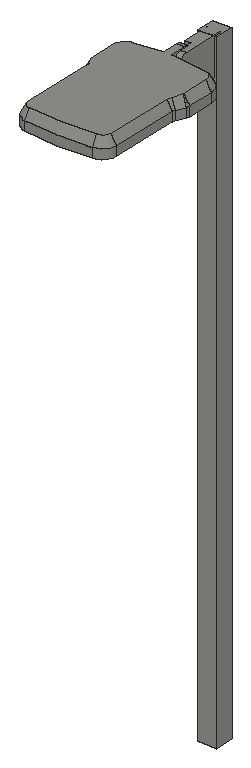
Revit family "VP-4-AAU", category Lighting Fixtures, host Face, Revit 2019 (continued)
Definition of nested family "SIZE4-AAU"
  Forms (in)
    Extrusion 49, solid, material <- "Glass"
      sketch origin (0.375, 0, -11.375) x (1, 0, 0) y (0, 0, 1)
        loop
          circle (-4.88455, 32.33694) r 0.15
        loop
          circle (-4.3658, 32.33694) r 0.15
        loop
          circle (-3.84705, 32.33694) r 0.15
        loop
          circle (-3.32831, 32.33694) r 0.15
        loop
          circle (-7.47829, 31.83694) r 0.15
        loop
          circle (-6.95955, 31.83694) r 0.15
        loop
          circle (-6.4408, 31.83694) r 0.15
        loop
          circle (-5.92205, 31.83694) r 0.15
        loop
          circle (-5.4033, 31.83694) r 0.15
        loop
          circle (-4.88455, 31.83694) r 0.15
        loop
          circle (-4.3658, 31.83694) r 0.15
        loop
          circle (-3.84705, 31.83694) r 0.15
        loop
          circle (-3.32831, 31.83694) r 0.15
        loop
          circle (-7.47829, 31.33694) r 0.15
        loop
          circle (-6.95955, 31.33694) r 0.15
        loop
          circle (-6.4408, 31.33694) r 0.15
        loop
          circle (-5.92205, 31.33694) r 0.15
        loop
          circle (-5.4033, 31.33694) r 0.15
        loop
          circle (-4.88455, 31.33694) r 0.15
        loop
          circle (-4.3658, 31.33694) r 0.15
        loop
          circle (-3.84705, 31.33694) r 0.15
        loop
          circle (-3.32831, 31.33694) r 0.15
        loop
          circle (-7.47829, 30.83694) r 0.15
        loop
          circle (-6.95955, 30.83694) r 0.15
        loop
          circle (-6.4408, 30.83694) r 0.15
        loop
          circle (-5.92205, 30.83694) r 0.15
        loop
          circle (-5.4033, 30.83694) r 0.15
        loop
          circle (-4.88455, 30.83694) r 0.15
        loop
          circle (-4.3658, 30.83694) r 0.15
        loop
          circle (-3.84705, 30.83694) r 0.15
        loop
          circle (-3.32831, 30.83694) r 0.15
        loop
          circle (-7.47829, 30.33694) r 0.15
        loop
          circle (-6.95955, 30.33694) r 0.15
        loop
          circle (-6.4408, 30.33694) r 0.15
        loop
          circle (-5.92205, 30.33694) r 0.15
        loop
          circle (-5.4033, 30.33694) r 0.15
        loop
          circle (-4.88455, 30.33694) r 0.15
        loop
          circle (-4.3658, 30.33694) r 0.15
        loop
          circle (-3.84705, 30.33694) r 0.15
        loop
          circle (-3.32831, 30.33694) r 0.15
        loop
          circle (-7.47829, 29.83694) r 0.15
        loop
          circle (-6.95955, 29.83694) r 0.15
        loop
          circle (-6.4408, 29.83694) r 0.15
        loop
          circle (-5.92205, 29.83694) r 0.15
        loop
          circle (-5.4033, 29.83694) r 0.15
        loop
          circle (-4.88455, 29.83694) r 0.15
        loop
          circle (-4.3658, 29.83694) r 0.15
        loop
          circle (-3.84705, 29.83694) r 0.15
        loop
          circle (-3.32831, 29.83694) r 0.15
        loop
          circle (-7.47829, 29.33694) r 0.15
        loop
          circle (-6.95955, 29.33694) r 0.15
        loop
          circle (-6.4408, 29.33694) r 0.15
        loop
          circle (-5.92205, 29.33694) r 0.15
        loop
          circle (-5.4033, 29.33694) r 0.15
        loop
          circle (-4.88455, 29.33694) r 0.15
        loop
          circle (-4.3658, 29.33694) r 0.15
        loop
          circle (-3.84705, 29.33694) r 0.15
        loop
          circle (-3.32831, 29.33694) r 0.15
        loop
          circle (-7.47829, 28.83694) r 0.15
        loop
          circle (-6.95955, 28.83694) r 0.15
        loop
          circle (-6.4408, 28.83694) r 0.15
        loop
          circle (-5.92205, 28.83694) r 0.15
        loop
          circle (-5.4033, 28.83694) r 0.15
        loop
          circle (-4.88455, 28.83694) r 0.15
        loop
          circle (-4.3658, 28.83694) r 0.15
        loop
          circle (-3.84705, 28.83694) r 0.15
        loop
          circle (-3.32831, 28.83694) r 0.15
        loop
          circle (-7.47829, 28.33694) r 0.15
        loop
          circle (-6.95955, 28.33694) r 0.15
        loop
          circle (-6.4408, 28.33694) r 0.15
        loop
          circle (-5.92205, 28.33694) r 0.15
        loop
          circle (-5.4033, 28.33694) r 0.15
        loop
          circle (-4.88455, 28.33694) r 0.15
        loop
          circle (-4.3658, 28.33694) r 0.15
        loop
          circle (-3.84705, 28.33694) r 0.15
        loop
          circle (-3.32831, 28.33694) r 0.15
      from 1.35 to 1.4
    Extrusion 50, solid, material <- "Glass"
      sketch origin (0, 0, -11.375) x (1, 0, 0) y (0, 0, 1)
        loop
          arc (-7.16655, 32.8409) -> (-7.34333, 32.76768) -> (-7.41655, 32.5909) r 0.25
          line (-7.41655, 32.5909) -> (-7.41655, 28.0909)
          arc (-7.41655, 28.0909) -> (-7.34333, 27.91412) -> (-7.16655, 27.8409) r 0.25
          line (-7.16655, 27.8409) -> (-2.81123, 27.8409)
          arc (-2.81123, 27.8409) -> (-2.63446, 27.91412) -> (-2.56123, 28.0909) r 0.25
          line (-2.56123, 28.0909) -> (-2.56123, 32.5909)
          arc (-2.56123, 32.5909) -> (-2.63446, 32.76768) -> (-2.81123, 32.8409) r 0.25
          line (-2.81123, 32.8409) -> (-7.16655, 32.8409)
      from 1.35 to 1.37213
    Extrusion 51, solid, material <- "Glass"
      sketch origin (-0.375, 0, -11.375) x (-1, 0, 0) y (0, 0, -1)
        loop
          circle (-7.47829, -32.33694) r 0.15
        loop
          circle (-6.95955, -32.33694) r 0.15
        loop
          circle (-6.4408, -32.33694) r 0.15
        loop
          circle (-5.92205, -32.33694) r 0.15
        loop
          circle (-5.4033, -32.33694) r 0.15
        loop
          circle (-4.88455, -32.33694) r 0.15
        loop
          circle (-4.3658, -32.33694) r 0.15
        loop
          circle (-3.84705, -32.33694) r 0.15
        loop
          circle (-3.32831, -32.33694) r 0.15
        loop
          circle (-7.47829, -31.83694) r 0.15
        loop
          circle (-6.95955, -31.83694) r 0.15
        loop
          circle (-6.4408, -31.83694) r 0.15
        loop
          circle (-5.92205, -31.83694) r 0.15
        loop
          circle (-5.4033, -31.83694) r 0.15
        loop
          circle (-4.88455, -31.83694) r 0.15
        loop
          circle (-4.3658, -31.83694) r 0.15
        loop
          circle (-3.84705, -31.83694) r 0.15
        loop
          circle (-3.32831, -31.83694) r 0.15
        loop
          circle (-7.47829, -31.33694) r 0.15
        loop
          circle (-6.95955, -31.33694) r 0.15
        loop
          circle (-6.4408, -31.33694) r 0.15
        loop
          circle (-5.92205, -31.33694) r 0.15
        loop
          circle (-5.4033, -31.33694) r 0.15
        loop
          circle (-4.88455, -31.33694) r 0.15
        loop
          circle (-4.3658, -31.33694) r 0.15
        loop
          circle (-3.84705, -31.33694) r 0.15
        loop
          circle (-3.32831, -31.33694) r 0.15
        loop
          circle (-7.47829, -30.83694) r 0.15
        loop
          circle (-6.95955, -30.83694) r 0.15
        loop
          circle (-6.4408, -30.83694) r 0.15
        loop
          circle (-5.92205, -30.83694) r 0.15
        loop
          circle (-5.4033, -30.83694) r 0.15
        loop
          circle (-4.88455, -30.83694) r 0.15
        loop
          circle (-4.3658, -30.83694) r 0.15
        loop
          circle (-3.84705, -30.83694) r 0.15
        loop
          circle (-3.32831, -30.83694) r 0.15
        loop
          circle (-7.47829, -30.33694) r 0.15
        loop
          circle (-6.95955, -30.33694) r 0.15
        loop
          circle (-6.4408, -30.33694) r 0.15
        loop
          circle (-5.92205, -30.33694) r 0.15
        loop
          circle (-5.4033, -30.33694) r 0.15
        loop
          circle (-4.88455, -30.33694) r 0.15
        loop
          circle (-4.3658, -30.33694) r 0.15
        loop
          circle (-3.84705, -30.33694) r 0.15
        loop
          circle (-3.32831, -30.33694) r 0.15
        loop
          circle (-7.47829, -29.83694) r 0.15
        loop
          circle (-6.95955, -29.83694) r 0.15
        loop
          circle (-6.4408, -29.83694) r 0.15
        loop
          circle (-5.92205, -29.83694) r 0.15
        loop
          circle (-5.4033, -29.83694) r 0.15
        loop
          circle (-4.88455, -29.83694) r 0.15
        loop
          circle (-4.3658, -29.83694) r 0.15
        loop
          circle (-3.84705, -29.83694) r 0.15
        loop
          circle (-3.32831, -29.83694) r 0.15
        loop
          circle (-7.47829, -29.33694) r 0.15
        loop
          circle (-6.95955, -29.33694) r 0.15
        loop
          circle (-6.4408, -29.33694) r 0.15
        loop
          circle (-5.92205, -29.33694) r 0.15
        loop
          circle (-5.4033, -29.33694) r 0.15
        loop
          circle (-4.88455, -29.33694) r 0.15
        loop
          circle (-4.3658, -29.33694) r 0.15
        loop
          circle (-3.84705, -29.33694) r 0.15
        loop
          circle (-3.32831, -29.33694) r 0.15
        loop
          circle (-7.47829, -28.83694) r 0.15
        loop
          circle (-6.95955, -28.83694) r 0.15
        loop
          circle (-6.4408, -28.83694) r 0.15
        loop
          circle (-5.92205, -28.83694) r 0.15
        loop
          circle (-5.4033, -28.83694) r 0.15
        loop
          circle (-4.88455, -28.83694) r 0.15
        loop
          circle (-4.3658, -28.83694) r 0.15
        loop
          circle (-3.84705, -28.83694) r 0.15
        loop
          circle (-3.32831, -28.83694) r 0.15
        loop
          circle (-7.47829, -28.33694) r 0.15
        loop
          circle (-6.95955, -28.33694) r 0.15
        loop
          circle (-6.4408, -28.33694) r 0.15
        loop
          circle (-5.92205, -28.33694) r 0.15
        loop
          circle (-5.4033, -28.33694) r 0.15
        loop
          circle (-4.88455, -28.33694) r 0.15
        loop
          circle (-4.3658, -28.33694) r 0.15
        loop
          circle (-3.84705, -28.33694) r 0.15
        loop
          circle (-3.32831, -28.33694) r 0.15
      from 1.35 to 1.4
    Extrusion 52, solid, material <- "Glass"
      sketch origin (0, 0, -11.375) x (-1, 0, 0) y (0, 0, -1)
        loop
          line (-7.16655, -32.8409) -> (-2.84181, -32.8409)
          arc (-2.84181, -32.8409) -> (-2.66504, -32.76768) -> (-2.59181, -32.5909) r 0.25
          line (-2.59181, -32.5909) -> (-2.59181, -28.0909)
          arc (-2.59181, -28.0909) -> (-2.66504, -27.91412) -> (-2.84181, -27.8409) r 0.25
          line (-2.84181, -27.8409) -> (-7.16655, -27.8409)
          arc (-7.16655, -27.8409) -> (-7.34333, -27.91412) -> (-7.41655, -28.0909) r 0.25
          line (-7.41655, -28.0909) -> (-7.41655, -32.5909)
          arc (-7.41655, -32.5909) -> (-7.34333, -32.76768) -> (-7.16655, -32.8409) r 0.25
      from 1.35 to 1.37213
    Extrusion 53, solid, material <- "Glass"
      sketch origin (-5.375, 0, -11.375) x (-1, 0, 0) y (0, 0, -1)
        loop
          circle (-7.47829, -32.33694) r 0.15
        loop
          circle (-6.95955, -32.33694) r 0.15
        loop
          circle (-6.4408, -32.33694) r 0.15
        loop
          circle (-5.92205, -32.33694) r 0.15
        loop
          circle (-5.4033, -32.33694) r 0.15
        loop
          circle (-4.88455, -32.33694) r 0.15
        loop
          circle (-4.3658, -32.33694) r 0.15
        loop
          circle (-3.84705, -32.33694) r 0.15
        loop
          circle (-3.32831, -32.33694) r 0.15
        loop
          circle (-7.47829, -31.83694) r 0.15
        loop
          circle (-6.95955, -31.83694) r 0.15
        loop
          circle (-6.4408, -31.83694) r 0.15
        loop
          circle (-5.92205, -31.83694) r 0.15
        loop
          circle (-5.4033, -31.83694) r 0.15
        loop
          circle (-4.88455, -31.83694) r 0.15
        loop
          circle (-4.3658, -31.83694) r 0.15
        loop
          circle (-3.84705, -31.83694) r 0.15
        loop
          circle (-3.32831, -31.83694) r 0.15
        loop
          circle (-7.47829, -31.33694) r 0.15
        loop
          circle (-6.95955, -31.33694) r 0.15
        loop
          circle (-6.4408, -31.33694) r 0.15
        loop
          circle (-5.92205, -31.33694) r 0.15
        loop
          circle (-5.4033, -31.33694) r 0.15
        loop
          circle (-4.88455, -31.33694) r 0.15
        loop
          circle (-4.3658, -31.33694) r 0.15
        loop
          circle (-3.84705, -31.33694) r 0.15
        loop
          circle (-3.32831, -31.33694) r 0.15
        loop
          circle (-7.47829, -30.83694) r 0.15
        loop
          circle (-6.95955, -30.83694) r 0.15
        loop
          circle (-6.4408, -30.83694) r 0.15
        loop
          circle (-5.92205, -30.83694) r 0.15
        loop
          circle (-5.4033, -30.83694) r 0.15
        loop
          circle (-4.88455, -30.83694) r 0.15
        loop
          circle (-4.3658, -30.83694) r 0.15
        loop
          circle (-3.84705, -30.83694) r 0.15
        loop
          circle (-3.32831, -30.83694) r 0.15
        loop
          circle (-7.47829, -30.33694) r 0.15
        loop
          circle (-6.95955, -30.33694) r 0.15
        loop
          circle (-6.4408, -30.33694) r 0.15
        loop
          circle (-5.92205, -30.33694) r 0.15
        loop
          circle (-5.4033, -30.33694) r 0.15
        loop
          circle (-4.88455, -30.33694) r 0.15
        loop
          circle (-4.3658, -30.33694) r 0.15
        loop
          circle (-3.84705, -30.33694) r 0.15
        loop
          circle (-3.32831, -30.33694) r 0.15
        loop
          circle (-7.47829, -29.83694) r 0.15
        loop
          circle (-6.95955, -29.83694) r 0.15
        loop
          circle (-6.4408, -29.83694) r 0.15
        loop
          circle (-5.92205, -29.83694) r 0.15
        loop
          circle (-5.4033, -29.83694) r 0.15
        loop
          circle (-4.88455, -29.83694) r 0.15
        loop
          circle (-4.3658, -29.83694) r 0.15
        loop
          circle (-3.84705, -29.83694) r 0.15
        loop
          circle (-3.32831, -29.83694) r 0.15
        loop
          circle (-7.47829, -29.33694) r 0.15
        loop
          circle (-6.95955, -29.33694) r 0.15
        loop
          circle (-6.4408, -29.33694) r 0.15
        loop
          circle (-5.92205, -29.33694) r 0.15
        loop
          circle (-5.4033, -29.33694) r 0.15
        loop
          circle (-4.88455, -29.33694) r 0.15
        loop
          circle (-4.3658, -29.33694) r 0.15
        loop
          circle (-3.84705, -29.33694) r 0.15
        loop
          circle (-3.32831, -29.33694) r 0.15
        loop
          circle (-7.47829, -28.83694) r 0.15
        loop
          circle (-6.95955, -28.83694) r 0.15
        loop
          circle (-6.4408, -28.83694) r 0.15
        loop
          circle (-5.92205, -28.83694) r 0.15
        loop
          circle (-5.4033, -28.83694) r 0.15
        loop
          circle (-4.88455, -28.83694) r 0.15
        loop
          circle (-4.3658, -28.83694) r 0.15
        loop
          circle (-3.84705, -28.83694) r 0.15
        loop
          circle (-3.32831, -28.83694) r 0.15
        loop
          circle (-7.47829, -28.33694) r 0.15
        loop
          circle (-6.95955, -28.33694) r 0.15
        loop
          circle (-6.4408, -28.33694) r 0.15
        loop
          circle (-5.92205, -28.33694) r 0.15
        loop
          circle (-5.4033, -28.33694) r 0.15
        loop
          circle (-4.88455, -28.33694) r 0.15
        loop
          circle (-4.3658, -28.33694) r 0.15
        loop
          circle (-3.84705, -28.33694) r 0.15
        loop
          circle (-3.32831, -28.33694) r 0.15
      from 1.35 to 1.4
    Extrusion 54, solid, material <- "Glass"
      sketch origin (-5, 0, -11.375) x (-1, 0, 0) y (0, 0, -1)
        loop
          line (-7.16655, -32.8409) -> (-2.84181, -32.8409)
          arc (-2.84181, -32.8409) -> (-2.66504, -32.76768) -> (-2.59181, -32.5909) r 0.25
          line (-2.59181, -32.5909) -> (-2.59181, -28.0909)
          arc (-2.59181, -28.0909) -> (-2.66504, -27.91412) -> (-2.84181, -27.8409) r 0.25
          line (-2.84181, -27.8409) -> (-7.16655, -27.8409)
          arc (-7.16655, -27.8409) -> (-7.34333, -27.91412) -> (-7.41655, -28.0909) r 0.25
          line (-7.41655, -28.0909) -> (-7.41655, -32.5909)
          arc (-7.41655, -32.5909) -> (-7.34333, -32.76768) -> (-7.16655, -32.8409) r 0.25
      from 1.35 to 1.37213
    Extrusion 55, solid, material <- "Fixture"
      sketch origin (0.125, 0, 2.5) x (1, 0, 0) y (0, 0, 1)
        loop
          arc (8.61601, 29.87811) -> (7.91353, 31.61742) -> (6.20018, 32.38102) r 2.50448
          arc (6.20018, 32.38102) -> (-0.18326, 32.81078) -> (-6.56625, 32.37421) r 47.24839
          arc (-6.56625, 32.37421) -> (-8.20342, 31.57512) -> (-8.86601, 29.87811) r 2.50448
          line (-8.86601, 29.87811) -> (-8.86601, 16.83541)
          arc (-8.86601, 16.83541) -> (-8.89448, 16.52871) -> (-8.97892, 16.2325) r 1.66606
          line (-8.97892, 16.2325) -> (-9.6766, 14.43524)
          arc (-9.6766, 14.43524) -> (-9.74427, 14.21755) -> (-9.78142, 13.99263) r 1.65645
          line (-9.78142, 13.99263) -> (-9.78142, 8.65741)
          arc (-9.78142, 8.65741) -> (-8.97209, 6.60779) -> (-6.98078, 5.66404) r 3
          arc (-6.98078, 5.66404) -> (0.01001, 4.99965) -> (7.00057, 5.66642) r 37.04471
          arc (7.00057, 5.66642) -> (8.81758, 6.67941) -> (9.53886, 8.63067) r 3
          line (9.53886, 8.63067) -> (9.53886, 13.83581)
          arc (9.53886, 13.83581) -> (9.51055, 14.14073) -> (9.4266, 14.43524) r 1.65645
          line (9.4266, 14.43524) -> (8.72892, 16.2325)
          arc (8.72892, 16.2325) -> (8.64448, 16.52871) -> (8.61601, 16.83541) r 1.66606
          line (8.61601, 16.83541) -> (8.61601, 29.87811)
      from 0 to 1.74
    Blend 56, solid, material <- "Fixture"
      base sketch origin (0, 0, 0) x (1, 0, 0) y (0, 0, 1)
        loop
          arc (-9.5516, 16.93524) -> (-9.61927, 16.71755) -> (-9.65642, 16.49263) r 1.65645
          line (-9.65642, 16.49263) -> (-9.65642, 11.15741)
          arc (-9.65642, 11.15741) -> (-8.84709, 9.10779) -> (-6.85578, 8.16404) r 3
          arc (-6.85578, 8.16404) -> (0.13501, 7.49965) -> (7.12557, 8.16642) r 37.04471
          arc (7.12557, 8.16642) -> (8.94258, 9.17941) -> (9.66386, 11.13067) r 3
          line (9.66386, 11.13067) -> (9.66386, 16.33581)
          arc (9.66386, 16.33581) -> (9.63555, 16.64073) -> (9.5516, 16.93524) r 1.65645
          line (9.5516, 16.93524) -> (8.85392, 18.7325)
          arc (8.85392, 18.7325) -> (8.76948, 19.02871) -> (8.74101, 19.33541) r 1.66606
          line (8.74101, 19.33541) -> (8.74101, 32.37811)
          arc (8.74101, 32.37811) -> (8.03853, 34.11742) -> (6.32518, 34.88102) r 2.50448
          arc (6.32518, 34.88102) -> (-0.05826, 35.31078) -> (-6.44125, 34.87421) r 47.24839
          arc (-6.44125, 34.87421) -> (-8.07842, 34.07512) -> (-8.74101, 32.37811) r 2.50448
          line (-8.74101, 32.37811) -> (-8.74101, 19.33541)
          arc (-8.74101, 19.33541) -> (-8.76948, 19.02871) -> (-8.85392, 18.7325) r 1.66606
          line (-8.85392, 18.7325) -> (-9.5516, 16.93524)
      top sketch origin (0, 0, 0) x (1, 0, 0) y (0, 0, 1)
        loop
          line (-8.65642, 16.43436) -> (-8.65642, 11.15741)
          arc (-8.65642, 11.15741) -> (-8.09764, 9.77073) -> (-6.73353, 9.1589) r 2
          arc (-6.73353, 9.1589) -> (0.1108, 8.49965) -> (6.95577, 9.15209) r 36.04471
          arc (6.95577, 9.15209) -> (8.17777, 9.82373) -> (8.66386, 11.13067) r 2
          line (8.66386, 11.13067) -> (8.66386, 16.33581)
          arc (8.66386, 16.33581) -> (8.65264, 16.45665) -> (8.61937, 16.57336) r 0.65645
          line (8.61937, 16.57336) -> (7.9217, 18.37062)
          arc (7.9217, 18.37062) -> (7.78657, 18.84463) -> (7.74101, 19.33541) r 2.66606
          line (7.74101, 19.33541) -> (7.74101, 32.37811)
          arc (7.74101, 32.37811) -> (7.3037, 33.43858) -> (6.246, 33.88256) r 1.50448
          arc (6.246, 33.88256) -> (-0.04498, 34.31079) -> (-6.33575, 33.87932) r 46.24839
          arc (-6.33575, 33.87932) -> (-7.33487, 33.40626) -> (-7.74101, 32.37811) r 1.50448
          line (-7.74101, 32.37811) -> (-7.74101, 19.33541)
          arc (-7.74101, 19.33541) -> (-7.78657, 18.84463) -> (-7.9217, 18.37062) r 2.66606
          line (-7.9217, 18.37062) -> (-8.61937, 16.57336)
          arc (-8.61937, 16.57336) -> (-8.64172, 16.50488) -> (-8.65642, 16.43436) r 0.65645
      from 0 to -1.74
    Extrusion 57, solid, material <- "Fixture"
      sketch origin (0, 0, 0) x (0, 1, 0) y (0, 0, 1)
        loop
          line (1.74, -1.406) -> (1.74, 6.43918)
          arc (1.74, 6.43918) -> (0, 8.17918) -> (-1.74, 6.43918) r 1.74
          line (-1.74, 6.43918) -> (-1.74, 3.90812) -> (-5.432, 1.12478) -> (-5.432, -1.406) -> (1.74, -1.406)
      from -1.24 to 1.24
    Extrusion 58, void
      sketch origin (0, 0, 0) x (1, 0, 0) y (0, 0, 1)
        loop
          line (-1.5, 8.3) -> (-1.5, 3.90812) -> (0, 3.90812) -> (0, 8.3) -> (-1.5, 8.3)
      from -1.84653 to 1.9488
    Extrusion 59, solid, material <- "Fixture"
      sketch origin (0, 0, 0) x (0, 1, 0) y (0, 0, 1)
        loop
          line (1.74, 8.81429) -> (-1.74, 8.81429) -> (-1.74, 5.31429)
          arc (-1.74, 5.31429) -> (0, 3.57429) -> (1.74, 5.31429) r 1.74
          line (1.74, 5.31429) -> (1.74, 8.81429)
      from -1.5 to 0
  Cuts and joins
    Extrusion 2, Extrusion 40 cuts Extrusion 55
    Extrusion 58 cuts Extrusion 57
    joined: Blend 56, Extrusion 59
  Dimensions and locks (in)
    equal spacing: plane 4, plane 3 "Center (Left/Right)", plane 5
    "Width": plane 4 to plane 5
    "Length": plane 7 to plane 6
    "Mount Length": plane 6 to plane 2
    aligned and locked: plane 2 to Extrusion 1
    aligned and locked: level to Extrusion 1
  Automatic sketch dimensions
    Extrusion 1 sketch curve to Extrusion 1 sketch curve = 96.00"  (x2)
    plane 5 to Extrusion 2 sketch curve = 1.40392"
    plane 3 "Center (Left/Right)" to Extrusion 2 sketch curve = 0.06506"
    Extrusion 2 sketch curve to plane 4 = 1.25"
    Extrusion 2 sketch curve to level = 39.4018"
    plane 6 to Extrusion 2 sketch curve = 7.65635"
    Extrusion 2 sketch curve to plane 7 = 2.31818"
    plane 5 to Extrusion 3 sketch curve = 2.15013"
    Extrusion 3 sketch curve to Extrusion 3 sketch curve = 0.35"  (x3)
    Extrusion 3 sketch curve to plane 4 = 2.50013"  (x2)
    Extrusion 3 sketch curve to plane 7 = 8.31818"
    Extrusion 3 sketch curve to plane 7 = 3.16818"
    plane 5 to Extrusion 4 sketch curve = 2.70671"
    Extrusion 4 sketch curve to Extrusion 4 sketch curve = 0.00"  (x61)
    Extrusion 4 sketch curve to Extrusion 4 sketch curve = 0.51875"  (x27)
    Extrusion 4 sketch curve to plane 7 = 7.51806"
    Extrusion 4 sketch curve to Extrusion 4 sketch curve = 0.50"  (x72)
    plane 5 to Extrusion 5 sketch curve = 2.39345"
    Extrusion 5 sketch curve to Extrusion 5 sketch curve = 0.25"  (x3)
    Extrusion 5 sketch curve to plane 3 "Center (Left/Right)" = 2.81123"  (x2)
    Extrusion 5 sketch curve to plane 7 = 8.0141"
    Extrusion 5 sketch curve to plane 7 = 3.2641"
    Extrusion 6 sketch curve to plane 4 = 2.12307"
    Extrusion 6 sketch curve to plane 8 = 0.46661"
    Extrusion 6 sketch curve to Extrusion 6 sketch curve = 0.02618"
    Extrusion 6 sketch curve to Extrusion 6 sketch curve = 0.1119"
    Extrusion 6 sketch curve to plane 8 = 0.03691"
    Extrusion 6 sketch curve to Extrusion 6 sketch curve = 0.36056"
    Extrusion 6 sketch curve to plane 8 = 0.00781"
    Extrusion 6 sketch curve to Extrusion 6 sketch curve = 0.06241"
    Extrusion 6 sketch curve to Extrusion 6 sketch curve = 0.42393"
    Extrusion 6 sketch curve to Extrusion 6 sketch curve = 0.73219"
    plane 4 to Extrusion 7 sketch curve = 2.70671"
    Extrusion 7 sketch curve to Extrusion 7 sketch curve = 0.00"  (x61)
    Extrusion 7 sketch curve to Extrusion 7 sketch curve = 0.51875"  (x27)
    plane 7 to Extrusion 7 sketch curve = 7.51806"
    Extrusion 7 sketch curve to Extrusion 7 sketch curve = 0.50"  (x72)
    plane 4 to Extrusion 8 sketch curve = 2.39345"
    Extrusion 8 sketch curve to Extrusion 8 sketch curve = 0.25"  (x3)
    Extrusion 8 sketch curve to plane 3 "Center (Left/Right)" = 2.84181"  (x2)
    plane 7 to Extrusion 8 sketch curve = 8.0141"
    plane 7 to Extrusion 8 sketch curve = 3.2641"
    plane 5 to Extrusion 9 sketch curve = 2.15013"
    Extrusion 9 sketch curve to Extrusion 9 sketch curve = 0.35"  (x3)
    Extrusion 9 sketch curve to plane 4 = 2.50013"  (x2)
    Extrusion 9 sketch curve to plane 7 = 13.81818"
    Extrusion 9 sketch curve to Extrusion 9 sketch curve = 4.80"
    Extrusion 10 sketch curve to plane 5 = 2.15013"
    Extrusion 10 sketch curve to Extrusion 10 sketch curve = 0.35"  (x3)
    plane 4 to Extrusion 10 sketch curve = 2.50013"  (x2)
    plane 7 to Extrusion 10 sketch curve = 13.81818"
    Extrusion 10 sketch curve to Extrusion 10 sketch curve = 4.80"
    Extrusion 11 sketch curve to plane 4 = 2.12307"
    Extrusion 11 sketch curve to plane 8 = 0.46661"
    Extrusion 11 sketch curve to Extrusion 11 sketch curve = 0.02618"
    Extrusion 11 sketch curve to Extrusion 11 sketch curve = 0.1119"
    Extrusion 11 sketch curve to plane 8 = 0.03691"
    Extrusion 11 sketch curve to Extrusion 11 sketch curve = 0.36056"
    Extrusion 11 sketch curve to plane 8 = 0.00781"
    Extrusion 11 sketch curve to Extrusion 11 sketch curve = 0.06241"
    Extrusion 11 sketch curve to Extrusion 11 sketch curve = 0.42393"
    Extrusion 11 sketch curve to Extrusion 11 sketch curve = 0.73219"
    Extrusion 12 sketch curve to plane 4 = 2.12307"
    Extrusion 12 sketch curve to plane 8 = 0.46661"
    Extrusion 12 sketch curve to Extrusion 12 sketch curve = 0.02618"
    Extrusion 12 sketch curve to Extrusion 12 sketch curve = 0.1119"
    Extrusion 12 sketch curve to plane 8 = 0.03691"
    Extrusion 12 sketch curve to Extrusion 12 sketch curve = 0.36056"
    Extrusion 12 sketch curve to plane 8 = 0.00781"
    Extrusion 12 sketch curve to Extrusion 12 sketch curve = 0.06241"
    Extrusion 12 sketch curve to Extrusion 12 sketch curve = 0.42393"
    Extrusion 12 sketch curve to Extrusion 12 sketch curve = 0.73219"
    Extrusion 13 sketch curve to plane 4 = 2.12307"
    Extrusion 13 sketch curve to plane 8 = 0.46661"
    Extrusion 13 sketch curve to Extrusion 13 sketch curve = 0.02618"
    Extrusion 13 sketch curve to Extrusion 13 sketch curve = 0.08572"
    Extrusion 13 sketch curve to plane 8 = 0.03691"
    Extrusion 13 sketch curve to Extrusion 13 sketch curve = 0.36056"
    Extrusion 13 sketch curve to plane 8 = 0.00781"
    Extrusion 13 sketch curve to Extrusion 13 sketch curve = 0.06241"
    Extrusion 13 sketch curve to Extrusion 13 sketch curve = 0.42393"
    Extrusion 13 sketch curve to Extrusion 13 sketch curve = 0.73219"
    Extrusion 14 sketch curve to plane 4 = 2.12307"
    Extrusion 14 sketch curve to plane 8 = 0.46661"
    Extrusion 14 sketch curve to Extrusion 14 sketch curve = 0.02618"
    Extrusion 14 sketch curve to Extrusion 14 sketch curve = 0.1119"
    Extrusion 14 sketch curve to plane 8 = 0.03691"
    Extrusion 14 sketch curve to Extrusion 14 sketch curve = 0.36056"
    Extrusion 14 sketch curve to plane 8 = 0.00781"
    Extrusion 14 sketch curve to Extrusion 14 sketch curve = 0.06241"
    Extrusion 14 sketch curve to Extrusion 14 sketch curve = 0.42393"
    Extrusion 14 sketch curve to Extrusion 14 sketch curve = 0.73219"
    Extrusion 15 sketch curve to plane 4 = 2.12307"
    Extrusion 15 sketch curve to plane 8 = 0.46661"
    Extrusion 15 sketch curve to Extrusion 15 sketch curve = 0.02618"
    Extrusion 15 sketch curve to Extrusion 15 sketch curve = 0.1119"
    Extrusion 15 sketch curve to plane 8 = 0.03691"
    Extrusion 15 sketch curve to Extrusion 15 sketch curve = 0.36056"
    Extrusion 15 sketch curve to plane 8 = 0.00781"
    Extrusion 15 sketch curve to Extrusion 15 sketch curve = 0.06241"
    Extrusion 15 sketch curve to Extrusion 15 sketch curve = 0.42393"
    Extrusion 15 sketch curve to Extrusion 15 sketch curve = 0.73219"
    Extrusion 16 sketch curve to plane 4 = 2.12307"
    Extrusion 16 sketch curve to plane 8 = 0.46661"
    Extrusion 16 sketch curve to Extrusion 16 sketch curve = 0.02618"
    Extrusion 16 sketch curve to Extrusion 16 sketch curve = 0.1119"
    Extrusion 16 sketch curve to plane 8 = 0.03691"
    Extrusion 16 sketch curve to Extrusion 16 sketch curve = 0.36056"
    Extrusion 16 sketch curve to plane 8 = 0.00781"
    Extrusion 16 sketch curve to Extrusion 16 sketch curve = 0.06241"
    Extrusion 16 sketch curve to Extrusion 16 sketch curve = 0.42393"
    Extrusion 16 sketch curve to Extrusion 16 sketch curve = 0.73219"
    Extrusion 17 sketch curve to plane 4 = 2.12307"
    Extrusion 17 sketch curve to plane 8 = 0.46661"
    Extrusion 17 sketch curve to Extrusion 17 sketch curve = 0.02618"
    Extrusion 17 sketch curve to Extrusion 17 sketch curve = 0.1119"
    Extrusion 17 sketch curve to plane 8 = 0.03691"
    Extrusion 17 sketch curve to Extrusion 17 sketch curve = 0.36056"
    Extrusion 17 sketch curve to plane 8 = 0.00781"
    Extrusion 17 sketch curve to Extrusion 17 sketch curve = 0.06241"
    Extrusion 17 sketch curve to Extrusion 17 sketch curve = 0.42393"
    Extrusion 17 sketch curve to Extrusion 17 sketch curve = 0.73219"
    Extrusion 18 sketch curve to plane 4 = 2.12307"
    Extrusion 18 sketch curve to plane 8 = 0.46661"
    Extrusion 18 sketch curve to Extrusion 18 sketch curve = 0.02618"
    Extrusion 18 sketch curve to Extrusion 18 sketch curve = 0.1119"
    Extrusion 18 sketch curve to plane 8 = 0.03691"
    Extrusion 18 sketch curve to Extrusion 18 sketch curve = 0.36056"
    Extrusion 18 sketch curve to plane 8 = 0.00781"
    Extrusion 18 sketch curve to Extrusion 18 sketch curve = 0.06241"
    Extrusion 18 sketch curve to Extrusion 18 sketch curve = 0.42393"
    Extrusion 18 sketch curve to Extrusion 18 sketch curve = 0.73219"
    Extrusion 19 sketch curve to plane 4 = 2.12307"
    Extrusion 19 sketch curve to plane 8 = 0.46661"
    Extrusion 19 sketch curve to Extrusion 19 sketch curve = 0.02618"
    Extrusion 19 sketch curve to Extrusion 19 sketch curve = 0.1119"
    Extrusion 19 sketch curve to plane 8 = 0.03691"
    Extrusion 19 sketch curve to Extrusion 19 sketch curve = 0.36056"
    Extrusion 19 sketch curve to plane 8 = 0.00781"
    Extrusion 19 sketch curve to Extrusion 19 sketch curve = 0.06241"
    Extrusion 19 sketch curve to Extrusion 19 sketch curve = 0.42393"
    Extrusion 19 sketch curve to Extrusion 19 sketch curve = 0.73219"
    Extrusion 20 sketch curve to plane 4 = 2.12307"
    Extrusion 20 sketch curve to plane 8 = 0.46661"
    Extrusion 20 sketch curve to Extrusion 20 sketch curve = 0.02618"
    Extrusion 20 sketch curve to Extrusion 20 sketch curve = 0.1119"
    Extrusion 20 sketch curve to plane 8 = 0.03691"
    Extrusion 20 sketch curve to Extrusion 20 sketch curve = 0.36056"
    Extrusion 20 sketch curve to plane 8 = 0.00781"
    Extrusion 20 sketch curve to Extrusion 20 sketch curve = 0.06241"
    Extrusion 20 sketch curve to Extrusion 20 sketch curve = 0.42393"
    Extrusion 20 sketch curve to Extrusion 20 sketch curve = 0.73219"
    Extrusion 21 sketch curve to plane 4 = 2.12307"
    Extrusion 21 sketch curve to plane 8 = 0.46661"
    Extrusion 21 sketch curve to Extrusion 21 sketch curve = 0.02618"
    Extrusion 21 sketch curve to Extrusion 21 sketch curve = 0.08572"
    Extrusion 21 sketch curve to plane 8 = 0.03691"
    Extrusion 21 sketch curve to Extrusion 21 sketch curve = 0.36056"
    Extrusion 21 sketch curve to plane 8 = 0.00781"
    Extrusion 21 sketch curve to Extrusion 21 sketch curve = 0.06241"
    Extrusion 21 sketch curve to Extrusion 21 sketch curve = 0.42393"
    Extrusion 21 sketch curve to Extrusion 21 sketch curve = 0.73219"
    Extrusion 22 sketch curve to plane 4 = 2.12307"
    Extrusion 22 sketch curve to plane 8 = 0.46661"
    Extrusion 22 sketch curve to Extrusion 22 sketch curve = 0.02618"
    Extrusion 22 sketch curve to Extrusion 22 sketch curve = 0.1119"
    Extrusion 22 sketch curve to plane 8 = 0.03691"
    Extrusion 22 sketch curve to Extrusion 22 sketch curve = 0.36056"
    Extrusion 22 sketch curve to plane 8 = 0.00781"
    Extrusion 22 sketch curve to Extrusion 22 sketch curve = 0.06241"
    Extrusion 22 sketch curve to Extrusion 22 sketch curve = 0.42393"
    Extrusion 22 sketch curve to Extrusion 22 sketch curve = 0.73219"
    Extrusion 23 sketch curve to plane 4 = 2.12307"
    Extrusion 23 sketch curve to plane 8 = 0.46661"
    Extrusion 23 sketch curve to Extrusion 23 sketch curve = 0.02618"
    Extrusion 23 sketch curve to Extrusion 23 sketch curve = 0.08572"
    Extrusion 23 sketch curve to plane 8 = 0.03691"
    Extrusion 23 sketch curve to Extrusion 23 sketch curve = 0.36056"
    Extrusion 23 sketch curve to plane 8 = 0.00781"
    Extrusion 23 sketch curve to Extrusion 23 sketch curve = 0.06241"
    Extrusion 23 sketch curve to Extrusion 23 sketch curve = 0.42393"
    Extrusion 23 sketch curve to Extrusion 23 sketch curve = 0.73219"
    Extrusion 24 sketch curve to plane 4 = 2.12307"
    Extrusion 24 sketch curve to plane 8 = 0.46661"
    Extrusion 24 sketch curve to Extrusion 24 sketch curve = 0.02618"
    Extrusion 24 sketch curve to Extrusion 24 sketch curve = 0.1119"
    Extrusion 24 sketch curve to plane 8 = 0.03691"
    Extrusion 24 sketch curve to Extrusion 24 sketch curve = 0.36056"
    Extrusion 24 sketch curve to plane 8 = 0.00781"
    Extrusion 24 sketch curve to Extrusion 24 sketch curve = 0.06241"
    Extrusion 24 sketch curve to Extrusion 24 sketch curve = 0.42393"
    Extrusion 24 sketch curve to Extrusion 24 sketch curve = 0.73219"
    plane 5 to Extrusion 25 sketch curve = 2.2012"
    Extrusion 25 sketch curve to plane 8 = 0.46661"
    Extrusion 25 sketch curve to Extrusion 25 sketch curve = 0.02618"
    Extrusion 25 sketch curve to Extrusion 25 sketch curve = 0.1119"
    Extrusion 25 sketch curve to plane 8 = 0.03691"
    Extrusion 25 sketch curve to Extrusion 25 sketch curve = 0.36056"
    Extrusion 25 sketch curve to plane 8 = 0.00781"
    Extrusion 25 sketch curve to Extrusion 25 sketch curve = 0.06241"
    Extrusion 25 sketch curve to Extrusion 25 sketch curve = 0.42393"
    Extrusion 25 sketch curve to Extrusion 25 sketch curve = 0.20146"
    plane 5 to Extrusion 26 sketch curve = 2.2012"
    Extrusion 26 sketch curve to plane 8 = 0.46661"
    Extrusion 26 sketch curve to Extrusion 26 sketch curve = 0.02618"
    Extrusion 26 sketch curve to Extrusion 26 sketch curve = 0.08572"
    Extrusion 26 sketch curve to plane 8 = 0.03691"
    Extrusion 26 sketch curve to Extrusion 26 sketch curve = 0.36056"
    Extrusion 26 sketch curve to plane 8 = 0.00781"
    Extrusion 26 sketch curve to Extrusion 26 sketch curve = 0.06241"
    Extrusion 26 sketch curve to Extrusion 26 sketch curve = 0.42393"
    Extrusion 26 sketch curve to Extrusion 26 sketch curve = 0.20146"
    plane 5 to Extrusion 27 sketch curve = 2.2012"
    Extrusion 27 sketch curve to plane 8 = 0.46661"
    Extrusion 27 sketch curve to Extrusion 27 sketch curve = 0.02618"
    Extrusion 27 sketch curve to Extrusion 27 sketch curve = 0.08572"
    Extrusion 27 sketch curve to plane 8 = 0.03691"
    Extrusion 27 sketch curve to Extrusion 27 sketch curve = 0.36056"
    Extrusion 27 sketch curve to plane 8 = 0.00781"
    Extrusion 27 sketch curve to Extrusion 27 sketch curve = 0.06241"
    Extrusion 27 sketch curve to Extrusion 27 sketch curve = 0.42393"
    Extrusion 27 sketch curve to Extrusion 27 sketch curve = 0.20146"
    plane 5 to Extrusion 28 sketch curve = 2.2012"
    Extrusion 28 sketch curve to plane 8 = 0.46661"
    Extrusion 28 sketch curve to Extrusion 28 sketch curve = 0.02618"
    Extrusion 28 sketch curve to Extrusion 28 sketch curve = 0.1119"
    Extrusion 28 sketch curve to plane 8 = 0.03691"
    Extrusion 28 sketch curve to Extrusion 28 sketch curve = 0.36056"
    Extrusion 28 sketch curve to plane 8 = 0.00781"
    Extrusion 28 sketch curve to Extrusion 28 sketch curve = 0.06241"
    Extrusion 28 sketch curve to Extrusion 28 sketch curve = 0.42393"
    Extrusion 28 sketch curve to Extrusion 28 sketch curve = 0.20146"
    plane 5 to Extrusion 29 sketch curve = 2.2012"
    Extrusion 29 sketch curve to plane 8 = 0.46661"
    Extrusion 29 sketch curve to Extrusion 29 sketch curve = 0.02618"
    Extrusion 29 sketch curve to Extrusion 29 sketch curve = 0.1119"
    Extrusion 29 sketch curve to plane 8 = 0.03691"
    Extrusion 29 sketch curve to Extrusion 29 sketch curve = 0.36056"
    Extrusion 29 sketch curve to plane 8 = 0.00781"
    Extrusion 29 sketch curve to Extrusion 29 sketch curve = 0.06241"
    Extrusion 29 sketch curve to Extrusion 29 sketch curve = 0.42393"
    Extrusion 29 sketch curve to Extrusion 29 sketch curve = 0.20146"
    plane 5 to Extrusion 30 sketch curve = 2.2012"
    Extrusion 30 sketch curve to plane 8 = 0.46661"
    Extrusion 30 sketch curve to Extrusion 30 sketch curve = 0.02618"
    Extrusion 30 sketch curve to Extrusion 30 sketch curve = 0.1119"
    Extrusion 30 sketch curve to plane 8 = 0.03691"
    Extrusion 30 sketch curve to Extrusion 30 sketch curve = 0.36056"
    Extrusion 30 sketch curve to plane 8 = 0.00781"
    Extrusion 30 sketch curve to Extrusion 30 sketch curve = 0.06241"
    Extrusion 30 sketch curve to Extrusion 30 sketch curve = 0.42393"
    Extrusion 30 sketch curve to Extrusion 30 sketch curve = 0.20146"
    plane 5 to Extrusion 31 sketch curve = 2.2012"
    Extrusion 31 sketch curve to plane 8 = 0.46661"
    Extrusion 31 sketch curve to Extrusion 31 sketch curve = 0.02618"
    Extrusion 31 sketch curve to Extrusion 31 sketch curve = 0.1119"
    Extrusion 31 sketch curve to plane 8 = 0.03691"
    Extrusion 31 sketch curve to Extrusion 31 sketch curve = 0.36056"
    Extrusion 31 sketch curve to plane 8 = 0.00781"
    Extrusion 31 sketch curve to Extrusion 31 sketch curve = 0.06241"
    Extrusion 31 sketch curve to Extrusion 31 sketch curve = 0.42393"
    Extrusion 31 sketch curve to Extrusion 31 sketch curve = 0.20146"
    plane 5 to Extrusion 32 sketch curve = 2.2012"
    Extrusion 32 sketch curve to plane 8 = 0.46661"
    Extrusion 32 sketch curve to Extrusion 32 sketch curve = 0.02618"
    Extrusion 32 sketch curve to Extrusion 32 sketch curve = 0.08572"
    Extrusion 32 sketch curve to plane 8 = 0.03691"
    Extrusion 32 sketch curve to Extrusion 32 sketch curve = 0.36056"
    Extrusion 32 sketch curve to plane 8 = 0.00781"
    Extrusion 32 sketch curve to Extrusion 32 sketch curve = 0.06241"
    Extrusion 32 sketch curve to Extrusion 32 sketch curve = 0.42393"
    Extrusion 32 sketch curve to Extrusion 32 sketch curve = 0.20146"
    plane 5 to Extrusion 33 sketch curve = 2.2012"
    Extrusion 33 sketch curve to plane 8 = 0.46661"
    Extrusion 33 sketch curve to Extrusion 33 sketch curve = 0.02618"
    Extrusion 33 sketch curve to Extrusion 33 sketch curve = 0.1119"
    Extrusion 33 sketch curve to plane 8 = 0.03691"
    Extrusion 33 sketch curve to Extrusion 33 sketch curve = 0.36056"
    Extrusion 33 sketch curve to plane 8 = 0.00781"
    Extrusion 33 sketch curve to Extrusion 33 sketch curve = 0.06241"
    Extrusion 33 sketch curve to Extrusion 33 sketch curve = 0.42393"
    Extrusion 33 sketch curve to Extrusion 33 sketch curve = 0.20146"
    plane 5 to Extrusion 34 sketch curve = 2.2012"
    Extrusion 34 sketch curve to plane 8 = 0.46661"
    Extrusion 34 sketch curve to Extrusion 34 sketch curve = 0.02618"
    Extrusion 34 sketch curve to Extrusion 34 sketch curve = 0.08572"
    Extrusion 34 sketch curve to plane 8 = 0.03691"
    Extrusion 34 sketch curve to Extrusion 34 sketch curve = 0.36056"
    Extrusion 34 sketch curve to plane 8 = 0.00781"
    Extrusion 34 sketch curve to Extrusion 34 sketch curve = 0.06241"
    Extrusion 34 sketch curve to Extrusion 34 sketch curve = 0.42393"
    Extrusion 34 sketch curve to Extrusion 34 sketch curve = 0.20146"
    plane 5 to Extrusion 35 sketch curve = 2.2012"
    Extrusion 35 sketch curve to plane 8 = 0.46661"
    Extrusion 35 sketch curve to Extrusion 35 sketch curve = 0.02618"
    Extrusion 35 sketch curve to Extrusion 35 sketch curve = 0.1119"
    Extrusion 35 sketch curve to plane 8 = 0.03691"
    Extrusion 35 sketch curve to Extrusion 35 sketch curve = 0.36056"
    Extrusion 35 sketch curve to plane 8 = 0.00781"
    Extrusion 35 sketch curve to Extrusion 35 sketch curve = 0.06241"
    Extrusion 35 sketch curve to Extrusion 35 sketch curve = 0.42393"
    Extrusion 35 sketch curve to Extrusion 35 sketch curve = 0.20146"
    plane 5 to Extrusion 36 sketch curve = 2.2012"
    Extrusion 36 sketch curve to plane 8 = 0.46661"
    Extrusion 36 sketch curve to Extrusion 36 sketch curve = 0.02618"
    Extrusion 36 sketch curve to Extrusion 36 sketch curve = 0.1119"
    Extrusion 36 sketch curve to plane 8 = 0.03691"
    Extrusion 36 sketch curve to Extrusion 36 sketch curve = 0.36056"
    Extrusion 36 sketch curve to plane 8 = 0.00781"
    Extrusion 36 sketch curve to Extrusion 36 sketch curve = 0.06241"
    Extrusion 36 sketch curve to Extrusion 36 sketch curve = 0.42393"
    Extrusion 36 sketch curve to Extrusion 36 sketch curve = 0.20146"
    plane 5 to Extrusion 37 sketch curve = 2.2012"
    Extrusion 37 sketch curve to plane 8 = 0.46661"
    Extrusion 37 sketch curve to Extrusion 37 sketch curve = 0.02618"
    Extrusion 37 sketch curve to Extrusion 37 sketch curve = 0.1119"
    Extrusion 37 sketch curve to plane 8 = 0.03691"
    Extrusion 37 sketch curve to Extrusion 37 sketch curve = 0.36056"
    Extrusion 37 sketch curve to plane 8 = 0.00781"
    Extrusion 37 sketch curve to Extrusion 37 sketch curve = 0.06241"
    Extrusion 37 sketch curve to Extrusion 37 sketch curve = 0.42393"
    Extrusion 37 sketch curve to Extrusion 37 sketch curve = 0.20146"
    plane 5 to Extrusion 38 sketch curve = 2.2012"
    Extrusion 38 sketch curve to plane 8 = 0.46661"
    Extrusion 38 sketch curve to Extrusion 38 sketch curve = 0.02618"
    Extrusion 38 sketch curve to Extrusion 38 sketch curve = 0.08572"
    Extrusion 38 sketch curve to plane 8 = 0.03691"
    Extrusion 38 sketch curve to Extrusion 38 sketch curve = 0.36056"
    Extrusion 38 sketch curve to plane 8 = 0.00781"
    Extrusion 38 sketch curve to Extrusion 38 sketch curve = 0.06241"
    Extrusion 38 sketch curve to Extrusion 38 sketch curve = 0.42393"
    Extrusion 38 sketch curve to Extrusion 38 sketch curve = 0.20146"
    plane 5 to Extrusion 39 sketch curve = 2.2012"
    Extrusion 39 sketch curve to plane 8 = 0.46661"
    Extrusion 39 sketch curve to Extrusion 39 sketch curve = 0.02618"
    Extrusion 39 sketch curve to Extrusion 39 sketch curve = 0.1119"
    Extrusion 39 sketch curve to plane 8 = 0.03691"
    Extrusion 39 sketch curve to Extrusion 39 sketch curve = 0.36056"
    Extrusion 39 sketch curve to plane 8 = 0.00781"
    Extrusion 39 sketch curve to Extrusion 39 sketch curve = 0.06241"
    Extrusion 39 sketch curve to Extrusion 39 sketch curve = 0.42393"
    Extrusion 39 sketch curve to Extrusion 39 sketch curve = 0.20146"
    plane 5 to Extrusion 40 sketch curve = 1.10793"
    plane 5 to Extrusion 40 sketch curve = 1.19965"
    Extrusion 40 sketch curve to Extrusion 40 sketch curve = 0.00"  (x2)
    Extrusion 40 sketch curve to plane 3 "Center (Left/Right)" = 0.00354"  (x6)
    Extrusion 40 sketch curve to plane 4 = 1.32465"
    Extrusion 40 sketch curve to plane 4 = 1.24"
    plane 6 to Extrusion 40 sketch curve = 3.30595"
    level to Extrusion 40 sketch curve = 10.85354"
    Extrusion 40 sketch curve to Extrusion 40 sketch curve = 0.27147"  (x2)
    Extrusion 40 sketch curve to Extrusion 40 sketch curve = 0.27118"  (x2)
    Extrusion 40 sketch curve to Extrusion 40 sketch curve = 0.47853"
    Extrusion 40 sketch curve to Extrusion 40 sketch curve = 0.47882"
    Extrusion 40 sketch curve to Extrusion 40 sketch curve = 1.01281"
    Extrusion 40 sketch curve to Extrusion 40 sketch curve = 1.01649"
    Extrusion 40 sketch curve to Extrusion 40 sketch curve = 1.00"  (x2)
    Extrusion 41 sketch curve to plane 3 "Center (Left/Right)" = 2.10329"
    Extrusion 41 sketch curve to Extrusion 41 sketch curve = 0.00"  (x51)
    Extrusion 41 sketch curve to Extrusion 41 sketch curve = 0.51875"  (x19)
    Extrusion 41 sketch curve to plane 3 "Center (Left/Right)" = 0.0283"  (x9)
    plane 3 "Center (Left/Right)" to Extrusion 41 sketch curve = 0.49045"  (x9)
    plane 7 to Extrusion 41 sketch curve = 7.51806"
    Extrusion 41 sketch curve to Extrusion 41 sketch curve = 0.50"  (x72)
    Extrusion 42 sketch curve to plane 3 "Center (Left/Right)" = 2.41655"
    Extrusion 42 sketch curve to Extrusion 42 sketch curve = 0.25"  (x3)
    plane 3 "Center (Left/Right)" to Extrusion 42 sketch curve = 2.15819"  (x2)
    plane 7 to Extrusion 42 sketch curve = 8.0141"
    plane 7 to Extrusion 42 sketch curve = 3.2641"
    plane 5 to Extrusion 43 sketch curve = 2.70671"
    Extrusion 43 sketch curve to Extrusion 43 sketch curve = 0.00"  (x61)
    Extrusion 43 sketch curve to Extrusion 43 sketch curve = 0.51875"  (x27)
    Extrusion 43 sketch curve to plane 7 = 13.01806"
    Extrusion 43 sketch curve to Extrusion 43 sketch curve = 0.50"  (x72)
    plane 5 to Extrusion 44 sketch curve = 2.39345"
    Extrusion 44 sketch curve to Extrusion 44 sketch curve = 0.25"  (x3)
    Extrusion 44 sketch curve to plane 3 "Center (Left/Right)" = 2.81123"  (x2)
    Extrusion 44 sketch curve to plane 7 = 13.5141"
    Extrusion 44 sketch curve to Extrusion 44 sketch curve = 4.50"
    plane 4 to Extrusion 45 sketch curve = 2.70671"
    Extrusion 45 sketch curve to Extrusion 45 sketch curve = 0.00"  (x61)
    Extrusion 45 sketch curve to Extrusion 45 sketch curve = 0.51875"  (x27)
    plane 7 to Extrusion 45 sketch curve = 13.01806"
    Extrusion 45 sketch curve to Extrusion 45 sketch curve = 0.50"  (x72)
    plane 4 to Extrusion 46 sketch curve = 2.39345"
    Extrusion 46 sketch curve to Extrusion 46 sketch curve = 0.25"  (x3)
    Extrusion 46 sketch curve to plane 3 "Center (Left/Right)" = 2.84181"  (x2)
    plane 7 to Extrusion 46 sketch curve = 13.5141"
    Extrusion 46 sketch curve to Extrusion 46 sketch curve = 4.50"
    Extrusion 47 sketch curve to plane 3 "Center (Left/Right)" = 2.10329"
    Extrusion 47 sketch curve to Extrusion 47 sketch curve = 0.00"  (x51)
    Extrusion 47 sketch curve to Extrusion 47 sketch curve = 0.51875"  (x19)
    Extrusion 47 sketch curve to plane 3 "Center (Left/Right)" = 0.0283"  (x9)
    plane 3 "Center (Left/Right)" to Extrusion 47 sketch curve = 0.49045"  (x9)
    plane 7 to Extrusion 47 sketch curve = 13.01806"
    Extrusion 47 sketch curve to Extrusion 47 sketch curve = 0.50"  (x72)
    Extrusion 48 sketch curve to plane 3 "Center (Left/Right)" = 2.41655"
    Extrusion 48 sketch curve to Extrusion 48 sketch curve = 0.25"  (x3)
    plane 3 "Center (Left/Right)" to Extrusion 48 sketch curve = 2.15819"  (x2)
    plane 7 to Extrusion 48 sketch curve = 13.5141"
    Extrusion 48 sketch curve to Extrusion 48 sketch curve = 4.50"
    plane 5 to Extrusion 49 sketch curve = 2.70671"
    Extrusion 49 sketch curve to Extrusion 49 sketch curve = 0.00"  (x61)
    Extrusion 49 sketch curve to Extrusion 49 sketch curve = 0.51875"  (x27)
    plane 6 to Extrusion 49 sketch curve = 9.46194"
    Extrusion 49 sketch curve to Extrusion 49 sketch curve = 0.50"  (x72)
    plane 5 to Extrusion 50 sketch curve = 2.39345"
    Extrusion 50 sketch curve to Extrusion 50 sketch curve = 0.25"  (x3)
    Extrusion 50 sketch curve to plane 3 "Center (Left/Right)" = 2.81123"  (x2)
    plane 6 to Extrusion 50 sketch curve = 8.9659"
    Extrusion 50 sketch curve to Extrusion 50 sketch curve = 4.50"
    plane 4 to Extrusion 51 sketch curve = 2.70671"
    Extrusion 51 sketch curve to Extrusion 51 sketch curve = 0.00"  (x61)
    Extrusion 51 sketch curve to Extrusion 51 sketch curve = 0.51875"  (x27)
    Extrusion 51 sketch curve to plane 6 = 9.46194"
    Extrusion 51 sketch curve to Extrusion 51 sketch curve = 0.50"  (x72)
    plane 4 to Extrusion 52 sketch curve = 2.39345"
    Extrusion 52 sketch curve to Extrusion 52 sketch curve = 0.25"  (x3)
    Extrusion 52 sketch curve to plane 3 "Center (Left/Right)" = 2.84181"  (x2)
    Extrusion 52 sketch curve to plane 6 = 8.9659"
    Extrusion 52 sketch curve to Extrusion 52 sketch curve = 4.50"
    Extrusion 53 sketch curve to plane 3 "Center (Left/Right)" = 2.10329"
    Extrusion 53 sketch curve to Extrusion 53 sketch curve = 0.00"  (x51)
    Extrusion 53 sketch curve to Extrusion 53 sketch curve = 0.51875"  (x19)
    Extrusion 53 sketch curve to plane 3 "Center (Left/Right)" = 0.0283"  (x9)
    plane 3 "Center (Left/Right)" to Extrusion 53 sketch curve = 0.49045"  (x9)
    Extrusion 53 sketch curve to plane 6 = 9.46194"
    Extrusion 53 sketch curve to Extrusion 53 sketch curve = 0.50"  (x72)
    Extrusion 54 sketch curve to plane 3 "Center (Left/Right)" = 2.41655"
    Extrusion 54 sketch curve to Extrusion 54 sketch curve = 0.25"  (x3)
    plane 3 "Center (Left/Right)" to Extrusion 54 sketch curve = 2.15819"  (x2)
    Extrusion 54 sketch curve to plane 6 = 8.9659"
    Extrusion 54 sketch curve to Extrusion 54 sketch curve = 4.50"
    Extrusion 55 sketch curve to plane 5 = 0.59706"
    plane 5 to Extrusion 55 sketch curve = 0.2584"
    plane 5 to Extrusion 55 sketch curve = 0.95608"
    plane 5 to Extrusion 55 sketch curve = 1.06899"
    Extrusion 55 sketch curve to Extrusion 55 sketch curve = 1.54418"
    plane 5 to Extrusion 55 sketch curve = 3.15358"
    Extrusion 55 sketch curve to Extrusion 55 sketch curve = 2.50448"
    Extrusion 55 sketch curve to plane 3 "Center (Left/Right)" = 0.03305"
    plane 3 "Center (Left/Right)" to Extrusion 55 sketch curve = 0.12872"
    Extrusion 55 sketch curve to plane 4 = 3.57348"
    Extrusion 55 sketch curve to plane 4 = 3.14614"
    Extrusion 55 sketch curve to plane 4 = 1.80258"
    Extrusion 55 sketch curve to plane 4 = 1.06899"
    Extrusion 55 sketch curve to Extrusion 55 sketch curve = 0.11292"
    Extrusion 55 sketch curve to plane 4 = 0.2584"
    Extrusion 55 sketch curve to plane 4 = 0.14614"
    plane 4 to Extrusion 55 sketch curve = 0.59706"
    Extrusion 55 sketch curve to level = 11.9376"
    plane 6 to Extrusion 55 sketch curve = 3.63067"
    plane 6 to Extrusion 55 sketch curve = 3.65741"
    Extrusion 55 sketch curve to Extrusion 55 sketch curve = 5.17839"
    Extrusion 55 sketch curve to Extrusion 55 sketch curve = 5.20513"
    Extrusion 55 sketch curve to Extrusion 55 sketch curve = 0.44261"
    Extrusion 55 sketch curve to Extrusion 55 sketch curve = 1.79726"  (x2)
    Extrusion 55 sketch curve to plane 7 = 3.10189"
    Extrusion 55 sketch curve to Extrusion 55 sketch curve = 13.0427"
    plane 7 to Extrusion 55 sketch curve = 9.06436"
    plane 5 to Extrusion 55 sketch curve = 0.15358"
    plane 6 to Extrusion 55 sketch curve = 0.66404"
    Extrusion 55 sketch curve to plane 7 = 0.60579"
    Blend 56 sketch curve to plane 5 = 0.59706"  (x2)
    plane 5 to Blend 56 sketch curve = 0.15358"
    plane 5 to Blend 56 sketch curve = 0.2584"
    plane 5 to Blend 56 sketch curve = 0.95608"
    Blend 56 sketch curve to Blend 56 sketch curve = 0.11292"  (x2)
    Blend 56 sketch curve to Blend 56 sketch curve = 1.64901"
    Blend 56 sketch curve to Blend 56 sketch curve = 3.00"
    Blend 56 sketch curve to Blend 56 sketch curve = 2.50448"
    Blend 56 sketch curve to plane 3 "Center (Left/Right)" = 0.03305"  (x2)
    plane 3 "Center (Left/Right)" to Blend 56 sketch curve = 0.12872"  (x2)
    Blend 56 sketch curve to plane 4 = 3.57348"  (x2)
    Blend 56 sketch curve to plane 4 = 3.14614"  (x2)
    Blend 56 sketch curve to plane 4 = 1.80258"  (x2)
    Blend 56 sketch curve to plane 4 = 1.06899"
    Blend 56 sketch curve to plane 4 = 0.2584"
    Blend 56 sketch curve to plane 4 = 0.14614"
    plane 4 to Blend 56 sketch curve = 0.59706"  (x2)
    Blend 56 sketch curve to level = 11.9376"  (x2)
    plane 6 to Blend 56 sketch curve = 3.63067"  (x2)
    level to Blend 56 sketch curve = 11.15741"  (x2)
    Blend 56 sketch curve to Blend 56 sketch curve = 5.17839"  (x2)
    Blend 56 sketch curve to Blend 56 sketch curve = 5.20513"  (x2)
    Blend 56 sketch curve to Blend 56 sketch curve = 0.15682"
    Blend 56 sketch curve to Blend 56 sketch curve = 1.79726"  (x4)
    Blend 56 sketch curve to plane 7 = 3.10189"  (x2)
    Blend 56 sketch curve to Blend 56 sketch curve = 0.00"  (x2)
    plane 7 to Blend 56 sketch curve = 9.06436"  (x2)
    plane 6 to Blend 56 sketch curve = 0.66404"
    Blend 56 sketch curve to plane 7 = 0.60579"
    plane 5 to Blend 56 sketch curve = 1.15358"
    Blend 56 sketch curve to Blend 56 sketch curve = 0.03705"
    Blend 56 sketch curve to Blend 56 sketch curve = 0.64901"
    plane 5 to Blend 56 sketch curve = 1.8883"
    plane 5 to Blend 56 sketch curve = 2.06899"
    Blend 56 sketch curve to Blend 56 sketch curve = 2.00"
    Blend 56 sketch curve to Blend 56 sketch curve = 1.50448"
    Blend 56 sketch curve to plane 4 = 2.06899"
    Blend 56 sketch curve to Blend 56 sketch curve = 0.18069"
    Blend 56 sketch curve to Blend 56 sketch curve = 0.61196"
    Blend 56 sketch curve to plane 4 = 1.14614"
    Blend 56 sketch curve to Blend 56 sketch curve = 0.09855"
    Blend 56 sketch curve to Blend 56 sketch curve = 0.0771"
    Blend 56 sketch curve to Blend 56 sketch curve = 0.09922"
    Extrusion 57 sketch curve to plane 8 = 0.00"
    Extrusion 57 sketch curve to plane 1 "Center (Front/Back)" = 0.00"
    Extrusion 57 sketch curve to level = 1.406"
    plane 8 to Extrusion 57 sketch curve = 3.692"
    level to Extrusion 57 sketch curve = 1.12478"
    Extrusion 57 sketch curve to plane 6 = 3.59188"
    Extrusion 57 sketch curve to plane 6 = 1.06082"
    Extrusion 58 sketch curve to plane 3 "Center (Left/Right)" = 0.00"
    Extrusion 58 sketch curve to Extrusion 58 sketch curve = 1.50"
    Extrusion 58 sketch curve to plane 6 = 3.59188"
    plane 6 to Extrusion 58 sketch curve = 0.80"
    Extrusion 59 sketch curve to plane 8 = 0.00"
    Extrusion 59 sketch curve to plane 1 "Center (Front/Back)" = 0.00"
    Extrusion 59 sketch curve to plane 6 = 2.18571"
    plane 6 to Extrusion 59 sketch curve = 1.31429"
    radius of Extrusion 4 sketch curve = 0.15"  (x81)
    radius of Extrusion 7 sketch curve = 0.15"  (x81)
    radius of Extrusion 41 sketch curve = 0.15"  (x81)
    radius of Extrusion 43 sketch curve = 0.15"  (x81)
    radius of Extrusion 45 sketch curve = 0.15"  (x81)
    radius of Extrusion 47 sketch curve = 0.15"  (x81)
    radius of Extrusion 49 sketch curve = 0.15"  (x81)
    radius of Extrusion 51 sketch curve = 0.15"  (x81)
    radius of Extrusion 53 sketch curve = 0.15"  (x81)
